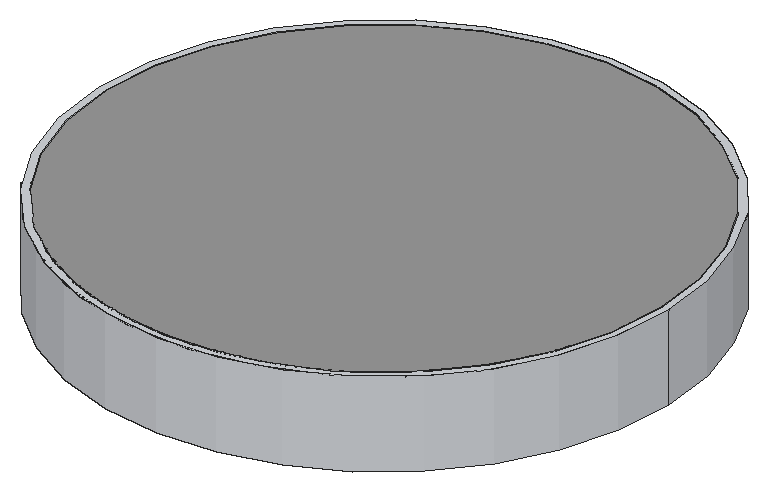
Revit family "2071154", category Lighting Fixtures, host Face, Revit 2018
Family settings
  Host = Face
  Round Connector Dimension = Use Diameter
  Part Type = Normal
  OmniClass Number = 23.80.70.00
  OmniClass Title = Lighting
  Cut with Voids When Loaded = No
  Light Source = Yes
  Shared = No
  Room Calculation Point = No
Parameters (values of type "2071154 COLOSSAL 400 940 OP DIR+H WHT DALI EM")
  iner diameter = 390 mm
  Weight = "n/a"
  Wattage Comments = ""
  Wattage = 30 W
  WarrantyStartDate [instance] = "n/a"
  WarrantyGuarantorParts = "n/a"
  WarrantyDurationUnit = "n/a"
  WarrantyDurationParts = ""
  WarrantyDescription = "http://www.sylvania-lighting.com"
  built-in parameter 1150110 = 1 (stored number, unit not read)
  Voltage = 230 V
  URL = "0.95"
  TypeName = "COLOSSAL 400mm 940 OPAL DIR+HAL WHITE DALI EM"
  Type Image = <None>
  Type Comments = "n/a"
  built-in parameter 1114217 = 1 (stored number, unit not read)
  Tilt Angle = -90.00°
  built-in parameter 1150109 = 1 (stored number, unit not read)
  built-in parameter 1150134 = (empty or 0)
  built-in parameter 1150113 = 1 (stored number, unit not read)
  SerialNumber [instance] = "n/a"
  Photometric Web File = "2071154.ies"
  Material_3_SYL = LED-Sylvania
  PowerFactor = 0
  PowerConsumption = "Lighting"
  NominalLength = 400 mm
  NominalHeight = 93 mm
  NominalDepth = 400 mm
  Name = "COLOSSAL 400mm 940 OPAL DIR+HAL WHITE DALI EM"
  ModelReference = Name  # "COLOSSAL 400mm 940 OPAL DIR+HAL WHITE DALI EM"
  ModelNumber = "2071154"
  Model = Name  # "COLOSSAL 400mm 940 OPAL DIR+HAL WHITE DALI EM"
  Material = "Feilo Sylvania"
  ManufacturerName = "108 lm/W"
  Manufacturer = ""
  LuminousEfficacy = ""
  built-in parameter 1150105 = 270.44 (stored number, unit not read)
  Lumens = 3398.4 lm
  LuminaireType = "0"
  built-in parameter 1150115 = 1 (stored number, unit not read)
  LightOutputRatio = "LED"
  built-in parameter 1150137 = (empty or 0)
  built-in parameter 1150139 = (empty or 0)
  LampsType = Lamp  # "n/a"
  LampNominalLuminous = "4000 K"
  LampMacAdamStep = "90"
  LampColourTemperature = "LED"
  LampColourRenderingIndex = "16500"
  built-in parameter 1150112 = 1 (stored number, unit not read)
  built-in parameter 1150114 = 1 (stored number, unit not read)
  Lamp = "n/a"
  Keynote = "n/a"
  InstallationDate [instance] = "n/a"
  InputVoltage = "0"
  InputNominalFrequency = "4000"
  built-in parameter 1150132 = (empty or 0)
  built-in parameter 1150102 = (empty or 0)
  built-in parameter 1150107 = 3000 (stored number, unit not read)
  built-in parameter 1150138 = (empty or 0)
  IngressProtection = "IfcLightFixtureType"
  ImpactProtectionIndex = "IfcLightFixtureType"
  built-in parameter 1150106 = 2.7044 (stored number, unit not read)
  IfcExportType = "IfcLightFixtureType"
  IfcExportAs = "Class I"
  Emit from Circle Diameter = 385 mm
  Emit Shape Visible in Rendering = no
  ElectricShockClassification = "108"
  built-in parameter 1150104 = 10.524 (stored number, unit not read)
  DocumentationLiterature = "http://www.sylvania-lighting.com/product/en-int/products/2071154"
  DimmingControlOptions = "n/a"
  Material_2_SYL = Polycarbonate_Sylvania_White
  Dimming Lamp Color Temperature Shift = <None>
  Description = "400mm diameter circular architectural luminaire, can be surface mounted or suspended. Powder coated aluminium housing (RAL9016) with polycarbonate opal diffuser. Direct/indirect (halo) light distribution, 2280lm luminuous flux, 21.2W system power, 108lm/W luminiaire efficacy. DALI dimmable. 3 hours integrated emergency. Colour rendering index Ra >90, 4000K Neutral White LED, chromaticity tolerance of 3-step MacAdam ellipse. IP40, IK03. 450mA drive current. Electrical protection Class1, 220-240V. Reported lifetime 66k hours L90B10."
  Default Elevation = 1219.2 mm
  CreatedOn = "22/03/2022"
  CreatedBy = "@sylvania-lighting.com"
  Cost = 0
  Color Filter = 16777215
  built-in parameter 1114216 [instance] = (empty or 0)
  ClassificationValue = "EF_70_80"
  ClassificationName = "Uniclass2015"
  Material_1_SYL = Polycarbonate_Sylvania_Opal
  BarCode [instance] = "n/a"
  built-in parameter 1114218 = 1 (stored number, unit not read)
  built-in parameter 1150133 = 10 (stored number, unit not read)
  AssetType = "Fixed"
  AssetIdentifier [instance] = "n/a"
  Assembly Code = "D5020200"
  Apparent Load = 21.2 VA
  Material_4_SYL = none
Reference planes
  plane 1 "Center (Front/Back)": y = 0
  plane 2: z = 0
  plane 3 "Center (Left/Right)": x = 0
  plane 4: x = -200
  plane 5: x = 200
  plane 6: y = 200
  plane 7: y = -200
  plane 8: y = 236
  plane 9: y = -236
  plane 10: z = 93
  plane 11: y = 195
  plane 12: y = -195
  plane 13: y = 90.5
  plane 14: y = 144.5
  plane 15: through (52.25, 90.5, 1219.2) normal (0.866, 0.5, 0)
  plane 16: through (52.25, 90.5, 1219.2) normal (0.866, 0.5, 0)
  plane 17: through (63.706, 126.657, 1219.2) normal (0.866, 0.5, 0)
  plane 18: through (-104.5, 0, 1219.2) normal (-0.866, 0.5, 0)
  plane 19: through (-142.394, -9.633, 1219.2) normal (-0.866, 0.5, 0)
  plane 20: y = -90.5
  plane 21: y = -118.5
  plane 22: through (85.371, -141.133, 1219.2) normal (-0.866, 0.5, 0)
  plane 23: through (52.25, -90.5, 1219.2) normal (-0.866, 0.5, 0)
  plane 24: through (-161.658, 0, 1219.2) normal (0.866, 0.5, 0)
  plane 25: through (-172.12, 9.121, 1219.2) normal (0.866, 0.5, 0)
  plane 26: through (-104.5, 0, 1219.2) normal (0.866, 0.5, 0)
Forms (mm)
  Extrusion 1, solid, detail levels medium+fine
    sketch origin (0, 0, 0) x (1, 0, 0) y (0, 1, 0)
      loop
        circle (0, 0) r 200
    from 33.023 to 93
  Extrusion 2, void
    sketch origin (0, 0, 0) x (1, 0, 0) y (0, 1, 0)
      loop
        circle (0, 0) r 195
    from 93 to 37.292
  Extrusion 3, solid, material "Glass, White, High Luminance", detail levels fine
    sketch origin (0, 0, 0) x (1, 0, 0) y (0, 1, 0)
      loop
        circle (0, 0) r 195
    from 88.026 to 93
  Extrusion 4, solid, detail levels coarse
    sketch origin (0, 0, 0) x (1, 0, 0) y (0, 1, 0)
      loop
        line (-200, 200) -> (-200, -200) -> (200, -200) -> (200, 200) -> (-200, 200)
    from 0 to 93
  Blend 5, solid, detail levels medium+fine
    base sketch origin (0, 0, 0) x (1, 0, 0) y (0, 1, 0)
      loop
        line (-52.25, 90.5) -> (-104.5, 0) -> (-52.25, -90.5) -> (52.25, -90.5) -> (104.5, 0) -> (52.25, 90.5) -> (-52.25, 90.5)
    top sketch origin (0, 0, 0) x (1, 0, 0) y (0, 1, 0)
      loop
        line (-53.405, 144.5) -> (-149.245, -21.5) -> (-93.242, -118.5) -> (98.438, -118.5) -> (151.843, -26) -> (53.405, 144.5) -> (-53.405, 144.5)
    from 0 to 33.023
Cuts and joins
  Extrusion 2 cuts Extrusion 1
Dimensions and locks
  "NominalDepth": plane 6 to plane 7
  "NominalLength": plane 4 to plane 5
  equal spacing: plane 4, plane 3 "Center (Left/Right)", plane 5
  "iner diameter": plane 11 to plane 12
  equal spacing: plane 11, plane 1 "Center (Front/Back)", plane 12
  equal spacing: plane 6, plane 1 "Center (Front/Back)", plane 7
  "NominalHeight": plane 10 to level
  plane 19 to plane 18 = 28 mm
  radius of Extrusion 2 sketch curve = 195 mm
  aligned and locked: plane 2 to host face
  aligned and locked: level to host face
Automatic sketch dimensions
  host sketch curve to host sketch curve = 2438.4 mm  (x2)
  plane 1 "Center (Front/Back)" to Extrusion 1 sketch curve = 0 mm
  Extrusion 1 sketch curve to plane 3 "Center (Left/Right)" = 0 mm
  plane 1 "Center (Front/Back)" to Extrusion 2 sketch curve = 0 mm
  Extrusion 2 sketch curve to plane 3 "Center (Left/Right)" = 0 mm
  plane 1 "Center (Front/Back)" to Extrusion 3 sketch curve = 0 mm
  Extrusion 3 sketch curve to plane 3 "Center (Left/Right)" = 0 mm
  Extrusion 4 sketch curve to plane 4 = 0 mm
  Extrusion 4 sketch curve to plane 5 = 0 mm
  Extrusion 4 sketch curve to plane 7 = 0 mm
  Extrusion 4 sketch curve to plane 6 = 0 mm
  Blend 5 sketch curve to plane 19 = 0 mm  (x2)
  Blend 5 sketch curve to plane 24 = 0 mm  (x2)
  Blend 5 sketch curve to plane 21 = 0 mm
  Blend 5 sketch curve to plane 14 = 0 mm
  Blend 5 sketch curve to plane 17 = 0 mm  (x2)
  Blend 5 sketch curve to plane 22 = 0 mm  (x2)
  radius of Extrusion 1 sketch curve = 200 mm
  radius of Extrusion 3 sketch curve = 195 mm
Connectors
  electrical at (0, 0, 0), driven by "Apparent Load", driven by "PowerFactor", driven by "Voltage"
    settings: index 1, voltage 230 V, apparent load 21.2 VA, apparent load phase1 0 VA, apparent load phase2 0 VA, apparent load phase3 0 VA, power factor 0, load classification "Lighting", number of poles 1, system type 30, power factor state 1, is connector primary yes, connector utility no, sub classification motor no, connector description ""
